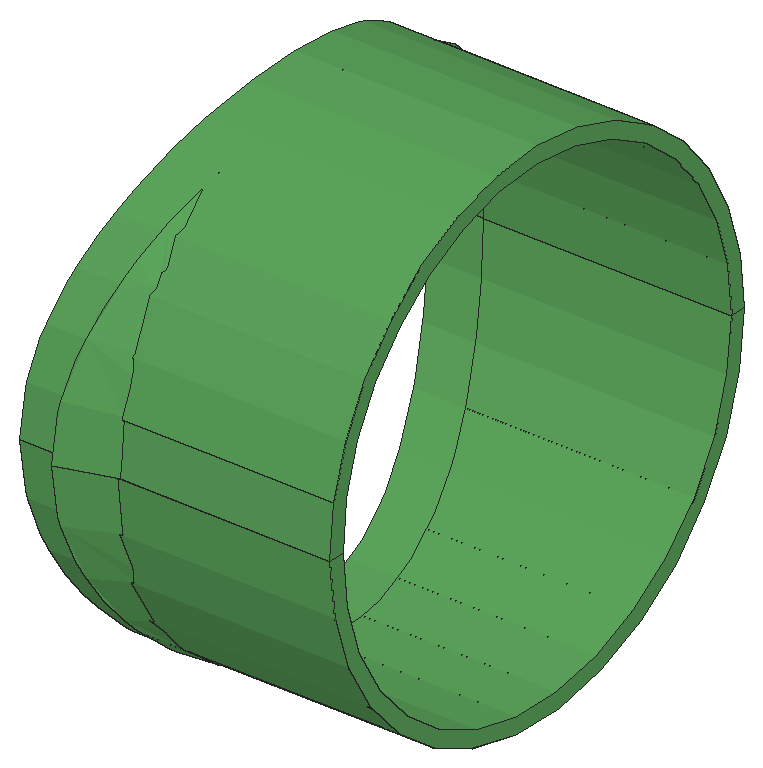
Revit family "Aquatherm_Вварное седло для сварки встык", category Соединительные детали трубопроводов, Revit 2019
Family settings
  Размер круглого соединителя = Использовать диаметр
  Тип детали = Соединение
  На основе рабочей плоскости = Нет
  Всегда вертикально = Да
  При загрузке вырезать с полостями = Нет
  Общий = Нет
Parameters (values of type "SDR 11")
  Материал_Корпус = AquaTherm green pipe
  URL = "www.agpipe.ru"
  SDR = 11 mm
  R1 [instance] = D1 / 2  # 177.5 mm
  L [instance] = size_lookup("Вварное седло для сварки встык", "L", 240 mm, D1, D, d2, SDR)  # 237.5 mm
  D2 [instance] = D1 - 30 mm  # 325 mm
  D1 [instance] = 355 mm
  l [instance] = size_lookup("Вварное седло для сварки встык", "l", 80 mm, D1, D, d2, SDR)  # 80 mm
  d2 [instance] = D  # 160 mm
  D [instance] = 160 mm
  ADSK_Примечание = ""
  ADSK_Позиция [instance] = ""
  ADSK_Обозначение = ""
  ADSK_Наименование [instance] = size_lookup("Вварное седло для сварки встык", "ADSK_Наименование", "Нет в каталоге", D1, D, d2, SDR)  # "Вварное седло для сварки встык DN355x160x11"
  ADSK_Масса_Текст [instance] = size_lookup("Вварное седло для сварки встык", "ADSK_Масса_Текст", "Нет в каталоге", D1, D, d2, SDR)  # "0.019"
  ADSK_Код изделия [instance] = size_lookup("Вварное седло для сварки встык", "ADSK_Код изделия", "Нет в каталоге", D1, D, d2, SDR)  # "15271"
  ADSK_Завод-изготовитель = "Aquatherm"  # constant formula
  ADSK_Единица измерения = "шт."  # constant formula
Types (3, lengths in mm): name | SDR | L | ADSK_Наименование | ADSK_Масса_Текст | ADSK_Код изделия
  (no name) | 11 | 237.5 | "Вварное седло для сварки встык DN355x160x11" | "0.019" | "15271"
  SDR 9 | 9 | 257.5 | "Вварное седло для сварки встык DN355x160x9" | "0.017" | "315271"
  SDR 11 | 11 | 237.5 | "Вварное седло для сварки встык DN355x160x11" | "0.019" | "15271"
Reference planes
  plane 1 "По центру (Вперед/Назад)": y = 0
  plane 2: z = 0
  plane 3 "По центру (Влево/Вправо)": x = 0
  plane 4: x = -80
  plane 5: x = 80
  plane 6: x = -157.5
  plane 7: y = 80
  plane 8: y = -80
  plane 9: y = 75.25
  plane 10: y = 80
  plane 11: y = -80
  plane 12: y = 75.25
  plane 13: x = 5
  plane 14: x = -320
Forms (mm)
  Revolve 1, solid, material "AquaTherm green pipe" <- "Материал_Корпус"
    sketch origin (0, 0, 0) x (1, 0, 0) y (0, 1, 0)
      loop
        line (80, 75.25) -> (80, 80) -> (15, 80) -> (-47.337, 100) -> (-157.5, 100) -> (-157.5, 75.25) -> (80, 75.25)
      axis (-157.5, 0) -> (80, 0)
    angle from 0 to 360
  Extrusion 2, void
    sketch origin (0, 0, 0) x (1, 0, 0) y (0, 1, 0)
      loop
        circle (-157.5, 0) r 177.5
    from -249.569 to 503.03
  Revolve 3, solid, material "AquaTherm green pipe" <- "Материал_Корпус"
    sketch origin (0, 0, 0) x (1, 0, 0) y (0, 1, 0)
      loop
        line (80, 80) -> (-157.5, 80) -> (-157.5, 75.25) -> (80, 75.25) -> (80, 80)
      axis (-157.5, 0) -> (80, 0)
    angle from 0 to 360
  Extrusion 4, void
    sketch origin (0, 0, 0) x (1, 0, 0) y (0, 1, 0)
      loop
        circle (-157.5, 0) r 162.5
    from -430.411 to 526.777
Cuts and joins
  Extrusion 4 cuts Revolve 3
  Extrusion 2, Extrusion 4 cuts Revolve 1
Lines and regions (mm)
  reference lines
    curve 1: line (5, 0, 0) -> (80, 0, 0)
Dimensions and locks
  equal spacing: plane 7, plane 1 "По центру (Вперед/Назад)", plane 8
  "D": plane 7 to plane 8
  equal spacing: plane 10, plane 1 "По центру (Вперед/Назад)", plane 11
  "D": plane 10 to plane 11
  "L": plane 6 to plane 5
  "l": plane 3 "По центру (Влево/Вправо)" to plane 5
  "l": plane 4 to plane 3 "По центру (Влево/Вправо)"
  locked: plane 7 to plane 9 at 4.75
  locked: plane 12 to plane 10 at 4.75
  locked: Revolve 1 sketch curve to plane 7 at 20
  equal spacing: plane 14, plane 6, plane 13
  "D2": plane 14 to plane 13
  locked: plane 3 "По центру (Влево/Вправо)" to Revolve 1 sketch curve at 15
  locked: Revolve 1 sketch curve to Revolve 1 sketch curve at 65.467
  "D1": diameter of Extrusion 2 sketch curve
  "D2": diameter of Extrusion 4 sketch curve
  aligned and locked: level to plane 2
  aligned and locked: plane 6 to Revolve 1 sketch curve
  aligned and locked: plane 6 to Extrusion 2 sketch curve
  aligned and locked: plane 1 "По центру (Вперед/Назад)" to Extrusion 2 sketch curve
  aligned and locked: Revolve 3 sketch curve to plane 6
  aligned and locked: Revolve 3 sketch curve to plane 10
  aligned and locked: plane 1 "По центру (Вперед/Назад)" to curve 1
  aligned and locked: Revolve 1 sketch curve to plane 9
  aligned and locked: plane 5 to Revolve 1 sketch curve
  aligned and locked: plane 7 to Revolve 1 sketch curve
  aligned and locked: Revolve 1 sketch curve to plane 6
  aligned and locked: Revolve 3 sketch curve to plane 12
  aligned and locked: plane 13 to curve 1
  aligned and locked: plane 5 to Revolve 3 sketch curve
Automatic sketch dimensions
  curve 1 to plane 5 = 0 mm
  plane 1 "По центру (Вперед/Назад)" to Revolve 1 sketch curve = 0 mm
  plane 5 to Revolve 1 sketch curve = 0.702 mm
  plane 1 "По центру (Вперед/Назад)" to Revolve 3 sketch curve = 0 mm
  plane 6 to Revolve 3 sketch curve = 10 mm
  Revolve 3 sketch curve to plane 3 "По центру (Влево/Вправо)" = 4.479 mm
  plane 1 "По центру (Вперед/Назад)" to Extrusion 4 sketch curve = 0 mm
  Extrusion 4 sketch curve to plane 6 = 0 mm
Connectors
  piping at (5, 0, 0), diameter 160, driven by "D"
    settings: on curve 1, index 1, connector inside diameter 609.6 mm, connector length 0 mm, flow factor 0, pipe flow 0.0 L/s, pressure drop 0.0 Pa, fitting loss kfactor 0, connector angle 0.00°, fixture units 0, engagement length 0 mm, angle of deflection 0.00°, flow configuration 0, flow direction 0, fitting loss method 0, system type 28, joint type 0, gender type 0, connector reference index 2, connector utility 0, adjustable connector no, is connector primary yes, connector description ""
  piping at (80, 0, 0), diameter 160, driven by "D"
    settings: on curve 1, index 2, connector inside diameter 609.6 mm, connector length 0 mm, flow factor 0, pipe flow 0.0 L/s, pressure drop 0.0 Pa, fitting loss kfactor 0, connector angle 0.00°, fixture units 0, engagement length 0 mm, angle of deflection 0.00°, flow configuration 0, flow direction 0, fitting loss method 0, system type 28, joint type 0, gender type 0, connector reference index 1, connector utility 0, adjustable connector no, is connector primary no, connector description ""
